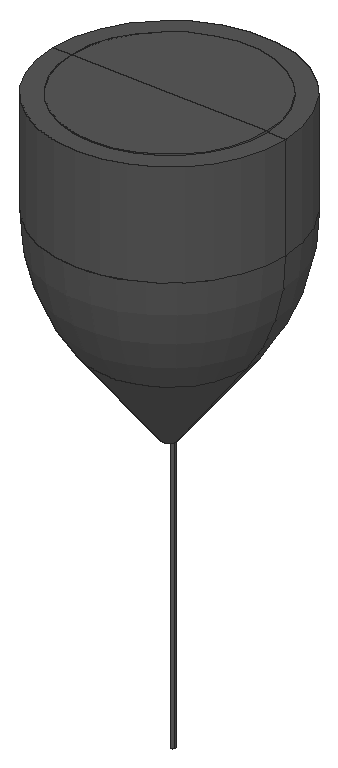
Revit family "Electronics_Desono_Biamp_Two-Way-High-Output-Pendant-Mount-Loudspeaker_DP8", category Communication Devices, host Face, Revit 2020
Family settings
  Host = Face
  Maintain Annotation Orientation = No
  Round Connector Dimension = Use Diameter
  Part Type = Normal
  OmniClass Number = 23.85.10.11.14.14.14
  OmniClass Title = Loudspeakers
  Cut with Voids When Loaded = No
  Shared = No
  Room Calculation Point = No
Parameters (values of type "DP8 B")
  Weight = 16.5347 lbf  # constant formula
  URL = "https://www.biamp.com/"
  Transformer Taps = "70V:120W, 60W, 30W, 15W and low impedance; 100V:120W, 60W, 30W"  # constant formula
  Sensitivity (1W/1m) = "95 dB SPL (120 Hz to 12.5 kHz 1/3 octave bands); 94 dB SPL (250 Hz to 4 kHz speech range)"  # constant formula
  Safety Cable On [instance] = no
  Recommended High Pass Filter = "60 Hz / 24dB octive"  # constant formula
  Product data url = "https://www.bimobject.com/biamp/product/dp8_desono-pendant"
  Product Page URL = "https://www.biamp.com/products/product-families/desono/pendant-loudspeakers#dp8"
  Product Documentation Link = "https://downloads.biamp.com/assets/docs/default-source/data-sheets/biamp_data_sheet_desono_dp8.pdf"
  Pendant Length [instance] = 1' - 3 191/256"
  Operating Range = "60 Hz - 22 kHz"  # constant formula
  Nominal Impedance = "8 ohms"  # constant formula
  Nominal Coverage = "100º conical (1 kHz to 6 kHz); 115º conical (500 Hz to 6 kHz)"  # constant formula
  Nom Pendant Length [instance] = if(or(Pendant Length < 0' 1", Pendant Length = 0' 1"), 0' 1", if(and(Pendant Length > 0' 1", Pendant Length < 16' 4"), Pendant Length, if(or(Pendant Length > 16' 4", Pendant Length = 16' 4"), 16' 4", 0' 0")))  # 1' - 3 191/256"
  Mounting/Rigging Provisions = "Two PHK-15 pendant hang kits (one for main suspension and one as a safety cable), each including 15ft (4.5m) long 2mm (0.77) high tensile galvanized steel wire rope suspension cables with integrated spring clips for attaching the cable to the loudspeaker bracket and Gripple® brand adjustable height cable fasteners"  # constant formula
  Model = "DP8 B"
  Minimum Impedance = "5.6 ohms @ 200 Hz"  # constant formula
  Min Pendant Length [instance] = 0' - 1"  # constant formula
  Maximum Output = "117 dB SPL / 123 dB SPL (peak 8 ohm)"  # constant formula
  Max Pendant Length [instance] = 16' - 4"  # constant formula
  Max Input Ratings (8 ohm) = "150W continuous, 375W program; 34.6 volts RMS, 69.3 volts momentary peak"  # constant formula
  Manufacturer = "Biamp"  # constant formula
  Loudspeaker Type = "Two-way, full-range, coaxial pendant mount loudspeaker, 8 ohm or 70V/100V operation"  # constant formula
  Input Connection = "Two 2-position Euroblock connectors"  # constant formula
  Housing Material = Biamp - Plastic - Black
  Height = 1' - 5.72047"  # constant formula
  Grill Material = Biamp - Plastic - Black(Grid)
  Frequency Response = "80 Hz - 20 kHz (± 5dB)"  # constant formula
  Enclosure = "UL 94V-0 rated ABS plastic, matte finish, paintable"  # constant formula
  Drivers = "LF 1 x 8-inch; HF 1 x 1.25-inch exit compression driver"  # constant formula
  Driver Protection = "Self-resetting solid state circuit breaker"  # constant formula
  Distortion - 10% Full Power = "2nd Harmonic: 500Hz-1.28%;2kHz-0.45%;8kHz-2.52% 3rd Harmonic: 500Hz-1.24%;2kHz-0.23%;8kHz-0.02%"  # constant formula
  Diameter = 1' - 1.40551"  # constant formula
  Description = "Desono™ DP8 Two-Way 8-Inch High Output Pendant Mount Loudspeaker"  # constant formula
  Default Elevation = 4' - 0"
  Crossover Frequency = "1.3 kHz"  # constant formula
  Controls = "Front-face wattage / low impedance selector switch"  # constant formula
  Connector Description = "Terminal block; Low Impedance 8 ohms, 70/100V operation"  # constant formula
  Bracket Material = Biamp - Metal - Black
  Axial Q / DI = "6.4 / 8, 500 Hz to 6 kHz"  # constant formula
Types (2): name | Pendant Length | Nom Pendant Length | Model | Housing Material | Grill Material | Bracket Material
  DP8 W | 1' - 3.74803" | 1' - 3.74803" | "DP8 W" | Biamp - Plastic - White | Biamp - Plastic - White(Grid) | Biamp - Metal - White
  DP8 B | 1' - 3 191/256" | 1' - 3 191/256" | "DP8 B" | Biamp - Plastic - Black | Biamp - Plastic - Black(Grid) | Biamp - Metal - Black
Reference planes (in)
  plane 1 "Center (Front/Back)": y = 0
  plane 2: z = 0
  plane 3 "Center (Left/Right)": x = 0
Forms (in)
  Extrusion 1, solid, material "Biamp - Metal - Black" <- "Bracket Material", visible <- "Safety Cable On"
    sketch origin (-0.23437, 0, 0) x (-1, 0, 0) y (0, -1, 0)
      loop
        circle (0, 0) r 0.09843
    from 0 to 15.74609
  Revolve 2, solid, material "Biamp - Plastic - Black" <- "Housing Material", detail levels coarse
    sketch origin (-3.83416, 0, 15.74609) x (1, 0, 0) y (0, 0, 1)
      loop
        line (3.83416, 0) -> (3.83416, 17.71654) -> (-2.85875, 17.71654) -> (-2.85875, 11.75164)
        arc (-2.85875, 11.75164) -> (-2.27308, 8.25178) -> (-0.57987, 5.13328) r 10.75
        line (-0.57987, 5.13328) -> (3.43069, 0) -> (3.83416, 0)
      axis (3.83416, 0) -> (3.83416, 17.71654)
    angle from 0 to 360
  Sweep 3, void
    path origin (-3.83416, 0, 15.74609) x (1, 0, 0) y (0, 0, 1)
      loop
        line (3.83416, -0.14171) -> (3.83416, 0.0323)
    profile origin (0, 0, 15.69139) x (-1, 0, 0) y (0, -1, 0)
      loop
        circle (0, 0) r 0.11811
  Revolve 4, solid, material "Biamp - Plastic - Black" <- "Housing Material", detail levels medium+fine
    sketch origin (-3.83416, 0, 15.74609) x (1, 0, 0) y (0, 0, 1)
      loop
        line (3.83416, 0) -> (3.83416, 17.32283) -> (-1.77608, 17.32283) -> (-1.77608, 17.71654) -> (-2.85875, 17.71654) -> (-2.85875, 11.75164)
        arc (-2.85875, 11.75164) -> (-2.27308, 8.25178) -> (-0.57987, 5.13328) r 10.75
        line (-0.57987, 5.13328) -> (3.43069, 0) -> (3.83416, 0)
      axis (3.83416, 0) -> (3.83416, 17.71654)
    angle from 0 to 360
  Revolve 5, solid, material "Biamp - Plastic - Black(Grid)" <- "Grill Material", detail levels medium+fine
    sketch origin (-3.83416, 0, 15.74609) x (1, 0, 0) y (0, 0, 1)
      loop
        line (3.83416, 17.32283) -> (3.83416, 17.75131) -> (-1.77608, 17.75131) -> (-1.77608, 17.32283) -> (3.83416, 17.32283)
      axis (3.83416, 17.32283) -> (3.83416, 17.75131)
    angle from 0 to 360
  Extrusion 6, solid, material "Biamp - Metal - Black" <- "Bracket Material"
    sketch origin (0.23437, 0, 0) x (1, 0, 0) y (0, 1, 0)
      loop
        circle (0, 0) r 0.09843
    from 0 to 15.74609
Cuts and joins
  Sweep 3 cuts Revolve 2
  Sweep 3 cuts Revolve 4
Lines and regions (in)
  Masking region 1
    outline origin (0, 0, 0) x (1, 0, 0) y (0, 1, 0)
      loop
        circle (0, 0) r 6.69291
  Masking region 2
    outline origin (-3.83416, 0, 15.74609) x (1, 0, 0) y (0, 0, 1)
      loop
        line (3.93259, 0) -> (3.73574, 0) -> (3.73574, -15.74609) -> (3.93259, -15.74609) -> (3.93259, 0)
  Masking region 3
    outline origin (-3.83416, 0, 15.74609) x (1, 0, 0) y (0, 0, 1)
      loop
        line (-2.85875, 17.71654) -> (-2.85875, 11.10027)
        arc (-2.85875, 11.10027) -> (-2.37614, 8.2163) -> (-0.9809, 5.64657) r 8.85827
        line (-0.9809, 5.64657) -> (3.43069, 0) -> (4.23763, 0) -> (8.64922, 5.64657)
        arc (8.64922, 5.64657) -> (10.04446, 8.2163) -> (10.52707, 11.10027) r 8.85827
        line (10.52707, 11.10027) -> (10.52707, 17.71654) -> (-2.85875, 17.71654)
  reference lines
    curve 1: line (-3.83416, 0, 15.74609) -> (3.25245, 0, 15.74609)
Dimensions and locks (in)
  "Nom Pendant Length": curve 1 to plane 2
  aligned and locked: plane 2 to host face
  aligned and locked: level to host face
  aligned and locked: Extrusion 1 to curve 1
  aligned and locked: Masking region 2 sketch curve to curve 1
  aligned and locked: Masking region 2 sketch curve to plane 2
  aligned and locked: Extrusion 6 to curve 1
Automatic sketch dimensions
  host sketch curve to host sketch curve = 8' - 0"  (x2)
  plane 1 "Center (Front/Back)" to Extrusion 1 sketch curve = 0' - 0"
  plane 3 "Center (Left/Right)" to Extrusion 1 sketch curve = 0' - 0 15/64"
  Revolve 2 sketch curve to curve 1 = 0' - 0"  (x2)
  Revolve 2 sketch curve to curve 1 = 0' - 2.85875"
  Revolve 2 sketch curve to curve 1 = 0' - 0.57987"
  curve 1 to Revolve 2 sketch curve = 0' - 3.43069"
  Revolve 2 sketch curve to Revolve 2 sketch curve = 0' - 0.40347"
  curve 1 to Revolve 2 sketch curve = 0' - 0.80463"
  curve 1 to Revolve 2 sketch curve = 0' - 5.13328"
  curve 1 to Revolve 2 sketch curve = 1' - 5.71654"
  Revolve 2 sketch curve to Revolve 2 sketch curve = 0' - 0"
  Revolve 2 sketch curve to Revolve 2 sketch curve = 0' - 2.75591"
  Masking region 1 sketch curve to Masking region 1 sketch curve = 0' - 0"  (x2)
  plane 1 "Center (Front/Back)" to Masking region 1 sketch curve = 0' - 0"
  Masking region 1 sketch curve to plane 3 "Center (Left/Right)" = 0' - 0"
  Masking region 1 sketch curve to Masking region 1 sketch curve = 0' - 6.69291"
  Masking region 2 sketch curve to curve 1 = 0' - 3.35088"
  Masking region 2 sketch curve to Masking region 2 sketch curve = 0' - 0.19685"
  Sweep 3 sketch curve to curve 1 = 0' - 0.0323"
  Sweep 3 sketch curve to curve 1 = 0' - 3.25245"
  curve 1 to Sweep 3 sketch curve = 0' - 0.14171"
  Sweep 3 sketch curve to profile plane = 0' - 0"
  profile plane to Sweep 3 sketch curve = 0' - 0"
  Revolve 4 sketch curve to curve 1 = 0' - 0"  (x2)
  Revolve 4 sketch curve to curve 1 = 0' - 2.85875"
  Revolve 4 sketch curve to Revolve 4 sketch curve = 0' - 1.08268"
  Revolve 4 sketch curve to curve 1 = 0' - 0.57987"
  curve 1 to Revolve 4 sketch curve = 0' - 3.43069"
  Revolve 4 sketch curve to Revolve 4 sketch curve = 0' - 0.40347"
  curve 1 to Revolve 4 sketch curve = 0' - 0.80463"
  curve 1 to Revolve 4 sketch curve = 0' - 5.13328"
  curve 1 to Revolve 4 sketch curve = 1' - 5.32283"
  Revolve 4 sketch curve to Revolve 4 sketch curve = 0' - 0.3937"
  Revolve 4 sketch curve to Revolve 4 sketch curve = 0' - 0"
  Revolve 4 sketch curve to Revolve 4 sketch curve = 0' - 0.7874"
  Revolve 5 sketch curve to curve 1 = 0' - 1.77608"
  Revolve 5 sketch curve to curve 1 = 0' - 3.25245"
  curve 1 to Revolve 5 sketch curve = 1' - 5.32283"
  Revolve 5 sketch curve to Revolve 5 sketch curve = 0' - 0.42848"
  Revolve 5 sketch curve to Revolve 5 sketch curve = 0' - 0"  (x2)
  Revolve 5 sketch curve to Revolve 5 sketch curve = 0' - 0.03691"
  Masking region 3 sketch curve to curve 1 = 0' - 0"
  Masking region 3 sketch curve to curve 1 = 0' - 2.85875"
  Masking region 3 sketch curve to curve 1 = 0' - 0.9809"
  curve 1 to Masking region 3 sketch curve = 0' - 1.66881"
  curve 1 to Masking region 3 sketch curve = 0' - 3.43069"
  Masking region 3 sketch curve to Masking region 3 sketch curve = 0' - 0.80694"
  Masking region 3 sketch curve to curve 1 = 0' - 1.0871"
  curve 1 to Masking region 3 sketch curve = 0' - 1.5626"
  curve 1 to Masking region 3 sketch curve = 0' - 3.44046"
  curve 1 to Masking region 3 sketch curve = 0' - 5.64657"  (x2)
  curve 1 to Masking region 3 sketch curve = 1' - 5.71654"
  plane 1 "Center (Front/Back)" to Extrusion 6 sketch curve = 0' - 0"
  plane 3 "Center (Left/Right)" to Extrusion 6 sketch curve = 0' - 0 15/64"
  curve 1 to plane 3 "Center (Left/Right)" = 0' - 3.83416"
  plane 3 "Center (Left/Right)" to curve 1 = 0' - 3.25245"
  radius of Extrusion 1 sketch curve = 0' - 0.09843"
  radius of Sweep 3 sketch curve = 0' - 0.11811"
  radius of Extrusion 6 sketch curve = 0' - 0.09843"
Connectors (in)
  electrical at (0, 0, 15.7784), driven by "Connector Description"
    settings: on cut or joined group of Revolve 2, Sweep 3, index 1, voltage 0 V, apparent load 0 VA, apparent load phase1 0 VA, apparent load phase2 0 VA, apparent load phase3 0 VA, power factor 1, load classification "Other", number of poles 1, system type 5, power factor state 1, is connector primary yes, connector utility no, sub classification motor no, connector description "Terminal block; Low Impedance 8 ohms, 70/100V operation"
